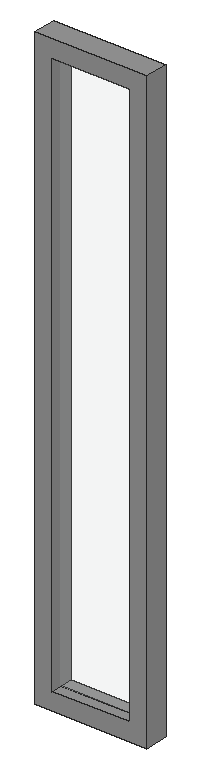
Revit family "SL421f616W - 1FP Family", category Doors, host Wall, Revit 2018
Family settings
  Host = Wall
  OmniClass Number = 23.30.10.00
  OmniClass Title = Doors
  Always vertical = Yes
  Cut with Voids When Loaded = No
  Shared = No
  Room Calculation Point = No
Parameters (values of type "SL421F616W - 1FP")
  Visual Light Transmittance = 0
  URL = "www.skywardwindows.co.za"
  Thermal Resistance (R) = 0.1525 (m²·K)/W
  Telephone = "021 276 1800"
  Solar Heat Gain Coefficient = 0
  Model = "SL421f616W - 1FP"
  Manufacturer = "Skyward Windows"
  Heat Transfer Coefficient (U) = 6.5580 W/(m²·K)
  Glass Thickness = 4 mm
  Glass = Glass
  Function = Interior
  Frame Projection Ext. = 25 mm
  Frame Projection Int. = 25 mm
  Frame Width = 75 mm
  Height = 2090 mm
  Wall Closure = By host
  Width = 390 mm
  Email Address = "info@skywardwindows.co.za"
  Door panel = 84 mm
  Door = White
  Distance = 36 mm
  Company Address = "Charles Matthews Street Atlantis 7349"
  Analytic Construction = "Metal frame with single clear glass"
Reference planes
  plane 1: y = 0
  plane 2 "Center (Left/Right)": x = 0
  plane 3 "Left": x = -195
  plane 4 "Right": x = 195
  plane 5: z = 2090
  plane 6 "Exterior": y = 75
  plane 7 "Interior": y = -75
Forms (mm)
  Extrusion 1, solid, material "White" <- "Door"
    sketch origin (0, -75, 0) x (1, 0, 0) y (0, 0, 1)
      loop
        line (-195, 2090) -> (-195, 0) -> (195, 0) -> (195, 2090) -> (-195, 2090)
      loop
        line (-135, 60) -> (135, 60) -> (135, 2030) -> (-135, 2030) -> (-135, 60)
    from -120 to -36
  Extrusion 2, solid, material "Glass" <- "Glass"
    sketch origin (0, 0, 0) x (1, 0, 0) y (0, 1, 0)
      loop
        line (-135, 2) -> (-135, -2) -> (135, -2) -> (135, 2) -> (-135, 2)
    from 60 to 2030
Lines and regions (mm)
  Opening 1
    outline origin (-3050, -75, 0) x (1, 0, 0) y (0, 0, 1)
      loop
        line (2855, 0) -> (3245, 0) -> (3245, 2090) -> (2855, 2090) -> (2855, 0)
  symbolic lines, style "Elevation Swing"
    curve 1: line (195, -75, 1045) -> (-195, -75, 2090)
    curve 2: line (195, -75, 1045) -> (-195, -75, 0)
Text (mm)
  text "Exterior" at (-2295.016, 1099.543, 0), in view "Ref. Level"
  text "Exterior" at (0, 1615.38, 3698.081), in view "Left"
  text "Exterior" at (0, 1036.032, 3874.932), in view "Right"
Dimensions and locks
  equal spacing: plane 3 "Left", plane 2 "Center (Left/Right)", plane 4 "Right"
  "Width": plane 3 "Left" to plane 4 "Right"
  "Height": plane 5 to host wall
  equal spacing: host wall, curve 2, plane 5
  host wall to plane 5 = 2090 mm
  locked: plane 6 "Exterior" to host wall at 0
  locked: plane 7 "Interior" to host wall
  "Door panel": Extrusion 1 to Extrusion 1
  "Distance": plane 7 "Interior" to Extrusion 1
  "Glass Thickness": Extrusion 2 to Extrusion 2
  aligned and locked: plane 3 "Left" to Opening 1 sketch curve
  aligned and locked: plane 5 to Opening 1 sketch curve  (x2)
  aligned and locked: Opening 1 sketch curve to plane 4 "Right"
  aligned and locked: Opening 1 sketch curve to level
  aligned and locked: plane 5 to curve 1
  aligned and locked: plane 3 "Left" to curve 2
  aligned and locked: plane 1 to host wall
  aligned and locked: plane 3 "Left" to curve 1
  aligned and locked: Extrusion 2 to Extrusion 1  (x2)
Automatic sketch dimensions
  plane 4 "Right" to curve 2 = 0 mm
  curve 2 to level = 0 mm
  Extrusion 1 sketch curve to level = 0 mm
  plane 3 "Left" to Extrusion 1 sketch curve = 0 mm
  plane 4 "Right" to Extrusion 1 sketch curve = 0 mm
  Extrusion 1 sketch curve to plane 5 = 0 mm
  Extrusion 1 sketch curve to plane 3 "Left" = 60 mm
  plane 4 "Right" to Extrusion 1 sketch curve = 60 mm
  level to Extrusion 1 sketch curve = 60 mm
  plane 5 to Extrusion 1 sketch curve = 60 mm
  host wall to Extrusion 2 sketch curve = 2 mm
  Extrusion 2 sketch curve to plane 3 "Left" = 60 mm
  plane 4 "Right" to Extrusion 2 sketch curve = 60 mm
  Extrusion 2 sketch curve to host wall = 2 mm
